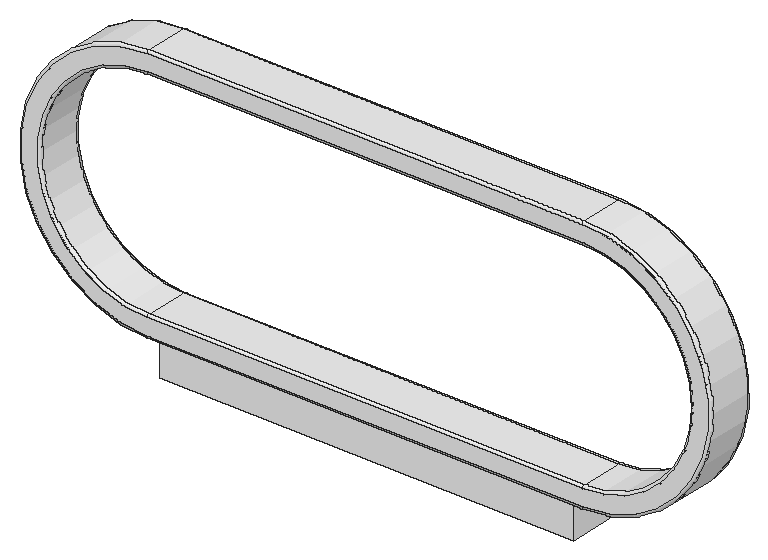
Revit family "Towel_Ring-Grohe-Defined-40972_Series", category Specialty Equipment, host Face, Revit 2019
Family settings
  Host = Face
  Round Connector Dimension = Use Diameter
  Part Type = Normal
  OmniClass Number = 23.40.20.21.27
  OmniClass Title = Towel Bars
  Cut with Voids When Loaded = No
  Shared = Yes
  Room Calculation Point = No
Parameters (values of type "40972000")
  Width = 8 1/16"  # constant formula
  URL = "https://www.grohe.us"
  Type Comments = ""
  Revised Date = "06/07/2023"  # constant formula
  Product Page URL = "https://www.grohe.us/Towel-Rings/Towel-Ring/GROHE-CHROME-40972000"
  Product Documentation Link = "https://americanstandard.box.com/shared/static/kxwvugx0uy9yq3gc9evm41i84f60n56m.pdf"
  Model = "40972000"
  Material = "Metal-Grohe-000-Starlight Chrome"
  Manufacturer = "Grohe"  # constant formula
  Length = 3 3/8"  # constant formula
  Installation Type = "Wall Mounted"  # constant formula
  Height = 9/16"  # constant formula
  Finish = Metal-Grohe-000-Starlight Chrome
  Description = "DEFINED Towel Ring Starlight Chrome"
  Default Elevation = 40"  # constant formula
  Creation Date = "03/05/2019"  # constant formula
  CalGreen Compliant = yes
  Assembly Code = "C1030200"
Types (2): name | Product Page URL | Model | Material | Finish | Description
  40972000 | "https://www.grohe.us/Towel-Rings/Towel-Ring/GROHE-CHROME-40972000" | "40972000" | "Metal-Grohe-000-Starlight Chrome" | Metal-Grohe-000-Starlight Chrome | "DEFINED Towel Ring Starlight Chrome"
  40972EN0 | "https://www.grohe.us/Towel-Rings/Towel-Ring/GROHE-BRUSHED-NICKEL-40972EN0" | "40972EN0" | "Metal-Grohe-EN0-Brushed Nickel" | Metal-Grohe-EN0-Brushed Nickel | "DEFINED Towel Ring Brushed Nickel"
Reference planes (in)
  plane 1 "Center (Front/Back)": y = 0
  plane 2: z = 0
  plane 3 "Center (Left/Right)": x = 0
  plane 4: x = 4.03125
  plane 5: x = -4.03125
  plane 6: z = 3.375
  plane 7: z = 1.9375
  plane 8: z = 0.5
  plane 9: x = 2.40625
  plane 10: x = -2.40625
  plane 11: x = 0.65625
  plane 12: x = -0.65625
  plane 13: y = 0.28225
  plane 14: y = -0.28225
Forms (in)
  Sweep 1, solid, material "Metal-Grohe-000-Starlight Chrome" <- "Finish"
    path origin (0, 0, 0) x (1, 0, 0) y (0, 0, 1)
      loop
        line (2.52992, 3.25117) -> (-2.53127, 3.25117)
        arc (-2.53127, 3.25117) -> (-3.90686, 1.87558) -> (-2.53127, 0.5) r 1.37558
        line (-2.53127, 0.5) -> (2.52992, 0.5)
        arc (2.52992, 0.5) -> (3.9055, 1.87558) -> (2.52992, 3.25117) r 1.37558
    profile origin (-0.00068, 0, 3.25117) x (0, 0, -1) y (0, -1, 0)
      loop
        arc (-0.125, -0.25) -> (-0.11585, -0.2721) -> (-0.09375, -0.28125) r 0.03125
        line (-0.09375, -0.28125) -> (0.09375, -0.28125)
        arc (0.09375, -0.28125) -> (0.11585, -0.2721) -> (0.125, -0.25) r 0.03125
        line (0.125, -0.25) -> (0.125, 0.25)
        arc (0.125, 0.25) -> (0.11585, 0.2721) -> (0.09375, 0.28125) r 0.03125
        line (0.09375, 0.28125) -> (-0.09557, 0.28125)
        arc (-0.09557, 0.28125) -> (-0.11638, 0.27263) -> (-0.125, 0.25182) r 0.02943
        line (-0.125, 0.25182) -> (-0.125, -0.25)
  Extrusion 2, solid, material "Metal-Grohe-000-Starlight Chrome" <- "Finish"
    sketch origin (-11.57412, 0, 0) x (0, 1, 0) y (0, 0, 1)
      loop
        line (-0.25, 0.375) -> (-0.25, 0) -> (0.25, 0) -> (0.25, 0.375) -> (-0.25, 0.375)
    from 9.16787 to 13.98037
Lines and regions (in)
  Masking region 1
    outline origin (0, 0, 0) x (1, 0, 0) y (0, 0, 1)
      loop
        arc (2.52992, 0.625) -> (3.7805, 1.87558) -> (2.52992, 3.12617) r 1.25058
        line (2.52992, 3.12617) -> (-2.53127, 3.12617)
        arc (-2.53127, 3.12617) -> (-3.78186, 1.87558) -> (-2.53127, 0.625) r 1.25058
        line (-2.53127, 0.625) -> (2.52992, 0.625)
      loop
        arc (2.40625, 0.3801) -> (4.02922, 1.8137) -> (2.52992, 3.37617) r 1.50058
        line (2.52992, 3.37617) -> (-2.53127, 3.37617)
        arc (-2.53127, 3.37617) -> (-4.03055, 1.81302) -> (-2.40625, 0.38022) r 1.50058
        line (-2.40625, 0.38022) -> (-2.40625, 0) -> (2.40625, 0) -> (2.40625, 0.3801)
  symbolic lines, detail levels fine
    curve 1: line (2.40475, 0, 0.375) -> (-2.40625, 0, 0.375)
Dimensions and locks (in)
  equal spacing: plane 5, plane 3 "Center (Left/Right)", plane 4
  "Width": plane 5 to plane 4
  plane 6 to level = 3 3/8"
  "Length": host face to plane 6
  equal spacing: plane 8, plane 7, plane 6
  locked: level to plane 8 at 0.5
  locked: plane 9 to plane 4 at 1.625
  locked: plane 10 to plane 5 at 1.625
  locked: plane 9 to plane 11 at 1.75
  locked: Extrusion 2 sketch curve to Extrusion 2 sketch curve at 0.5
  locked: plane 10 to plane 12 at 1.75
  plane 14 to plane 13 = 0.56451"
  aligned and locked: plane 2 to host face
  aligned and locked: level to host face
  aligned and locked: Extrusion 2 sketch curve to Sweep 1
  aligned and locked: Extrusion 2 sketch curve to host face
  aligned and locked: Sweep 1 to curve 1
  aligned and locked: Masking region 1 sketch curve to Sweep 1  (x4)
  aligned and locked: Masking region 1 sketch curve to Extrusion 2  (x2)
  aligned and locked: host face to Masking region 1 sketch curve
Automatic sketch dimensions
  host sketch curve to host sketch curve = 96"  (x2)
  plane 1 "Center (Front/Back)" to Extrusion 2 sketch curve = 1/4"
  Sweep 1 sketch curve to plane 8 = 0"
  plane 10 to Sweep 1 sketch curve = 0.12502"
  plane 9 to Sweep 1 sketch curve = 0.12367"
  Sweep 1 sketch curve to plane 7 = 0.06192"
  plane 10 to curve 1 = 0"
  curve 1 to plane 9 = 0.0015"
  profile plane to Sweep 1 sketch curve = 1/8"
  Sweep 1 sketch curve to Sweep 1 sketch curve = 0.02943"
  Sweep 1 sketch curve to Sweep 1 sketch curve = 1/32"  (x2)
  Sweep 1 sketch curve to profile plane = 3/32"  (x2)
  Sweep 1 sketch curve to plane 1 "Center (Front/Back)" = 9/32"
  plane 1 "Center (Front/Back)" to Sweep 1 sketch curve = 1/4"
